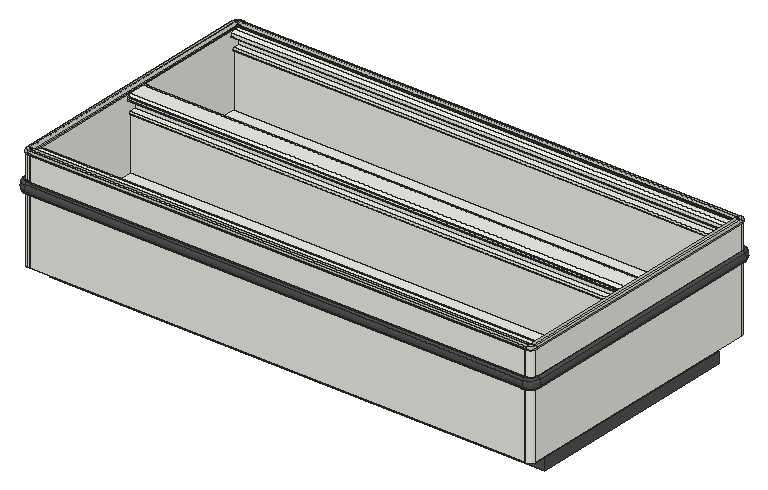
Revit family "FW_2014", category Specialty Equipment, Revit 2014
Parameters (values of type "12'-0" Length")
  Width = 144 1/2"
  Waste Drain = 1 1/4"  # constant formula
  URL = "www.hussmann.com"
  Type Comments = "Excel"  # constant formula
  Trim = Plastic - 144 Mist Gray
  Total Weight = Case Weight + (2 * End Weight)  # 1750.00 lbf
  Splashguard = Textured Sheet Metal (Steel Painted) - 701 Black
  Revit Family Date = "01/26/2016"  # constant formula
  Refrigeration Lines Suction = 5/8"  # constant formula
  Refrigeration Lines Liquid = 3/8"  # constant formula
  Refrig. Suction = ""
  Refrig. Liquid = ""
  Number of Supports = if(Width < 50", 2, if(Width < 100", 3, 4))  # 4
  Note from Manufacturer = "This model only comes in 4'-0\", 6'-0\", 8'-0\" and 12'-0\" lengths."
  Model URL = "http://www.hussmann.com/en/product%20viewer/display-cases/FW,%20FWG"
  Model = "FW"  # constant formula
  Manufacturer Disclaimer = "The information in this file is not intended to be an exact representation of the corresponding Hussmann product.  Further, we reserve the right to change or revise specifications and product design in connection with any feature of our products. Such changes do not entitle the buyer to corresponding changes, improvements, additions, or replacements for equipment previously sold or shipped."  # constant formula
  Manufacturer = "Hussmann Corporation"  # constant formula
  Height = 36 1/4"  # constant formula
  Ends = Textured Sheet Metal (Steel Painted) - 149 White Satin Matte
  End Weight = 75.00 lbf  # constant formula
  Description = "Wide Island for Frozen Food/Ice Cream "  # constant formula
  Depth = 80 5/8"  # constant formula
  Cutsheet URL = "http://www.hussmann.com/en/Technical%20Documents/0465900_K_FW_EN.pdf"
  Case Weight = if(Width = 48 1/4", 1000.00 lbf, if(Width = 73 3/4", 1200.00 lbf, if(Width = 96 3/8", 1400.00 lbf, if(Width = 144 1/2", 1600.00 lbf, 0.00 lbf))))  # 1600.00 lbf
  Case Interior = Sheet Metal (Steel Painted) - 700 Interior White
  Case = Textured Sheet Metal (Steel Painted) - 149 White Satin Matte
  Bumper = Extruded PVC - 701 Black
  Assembly Code = ""
  Accessories/Options = ""
Reference planes (in)
  plane 1 "Back": y = 0
  plane 2 "Bottom": z = 0
  plane 3 "Top": z = 36.25
  plane 4 "Left": x = -77.30699
  plane 5 "Front": y = -80.625
  plane 6 "Center (Left/Right)": x = -5.05699
  plane 7: x = -79.30699
  plane 8 "Right": x = 67.19301
  plane 9: x = 69.19301
  plane 10: y = -8.5
  plane 11: y = -72.125
  plane 12: y = -79.33728
  plane 13: y = -1.2857
Forms (in)
  Extrusion 1, solid, material "Metal - Copper"
    sketch origin (63.0625, 1.04319, 0) x (1, 0, 0) y (0, 1, 0)
      loop
        arc (-7.48249, -10.62909) -> (-7.92443, -10.81215) -> (-8.10749, -11.25409) r 0.625
        arc (-8.10749, -11.25409) -> (-7.92443, -11.69603) -> (-7.48249, -11.87909) r 0.625
        arc (-7.48249, -11.87909) -> (-7.04054, -11.69603) -> (-6.85749, -11.25409) r 0.625
        arc (-6.85749, -11.25409) -> (-7.04054, -10.81215) -> (-7.48249, -10.62909) r 0.625
      loop
        circle (-7.48249, -11.25409) r 0.5852
    from 5.625 to 0
  Extrusion 2, solid, material "Metal - Copper"
    sketch origin (57.40105, 5, -0.375) x (1, 0, 0) y (0, 1, 0)
      loop
        circle (1.47946, -20.75) r 0.28859
      loop
        circle (1.47946, -20.75) r 0.3125
    from 6 to 0.375
  Extrusion 3, solid, material "Metal - Copper"
    sketch origin (59.82608, 5, -0.375) x (1, 0, 0) y (0, 1, 0)
      loop
        circle (-0.44557, -20.75) r 0.17188
      loop
        circle (-0.44557, -20.75) r 0.1875
    from 6 to 0.375
  Extrusion 4, solid, material "Metal - Copper"
    sketch origin (-56.6875, 1.04319, 0) x (1, 0, 0) y (0, 1, 0)
      loop
        arc (-9.00649, -10.62909) -> (-9.44843, -10.81215) -> (-9.63149, -11.25409) r 0.625
        arc (-9.63149, -11.25409) -> (-9.44843, -11.69603) -> (-9.00649, -11.87909) r 0.625
        arc (-9.00649, -11.87909) -> (-8.56454, -11.69603) -> (-8.38149, -11.25409) r 0.625
        arc (-8.38149, -11.25409) -> (-8.56454, -10.81215) -> (-9.00649, -10.62909) r 0.625
      loop
        circle (-9.00649, -11.25409) r 0.5852
    from 5.625 to 0
  Sweep 5, solid, material "Extruded PVC - 701 Black" <- "Bumper"
    path origin (0, 0, 0) x (1, 0, 0) y (0, 1, 0)
      loop
        arc (-77.68199, -1.2857) -> (-78.83103, -1.76165) -> (-79.30699, -2.9107) r 1.625
        line (-79.30699, -2.9107) -> (-79.30699, -77.71228)
        arc (-79.30699, -77.71228) -> (-78.83103, -78.86133) -> (-77.68199, -79.33728) r 1.625
        line (-77.68199, -79.33728) -> (67.56801, -79.33728)
        arc (67.56801, -79.33728) -> (68.71706, -78.86133) -> (69.19301, -77.71228) r 1.625
        line (69.19301, -77.71228) -> (69.19301, -2.9107)
        arc (69.19301, -2.9107) -> (68.71706, -1.76165) -> (67.56801, -1.2857) r 1.625
        line (67.56801, -1.2857) -> (-77.68199, -1.2857)
    profile origin (-5.05699, -1.2857, 0) x (0, 1, 0) y (0, 0, 1)
      loop
        arc (0.99785, 27.38133) -> (0.79737, 27.66244) -> (0.51189, 27.85663) r 0.98054
        arc (0.51189, 27.85663) -> (0.26159, 27.93449) -> (0, 27.95128) r 1.10651
        line (0, 27.95128) -> (0, 24.7987)
        arc (0, 24.7987) -> (0.26159, 24.81549) -> (0.51189, 24.89335) r 1.10651
        arc (0.51189, 24.89335) -> (0.80164, 25.09174) -> (1.00291, 25.37951) r 0.98054
        arc (1.00291, 25.37951) -> (1.22419, 26.38098) -> (0.99785, 27.38133) r 2.35
  Extrusion 6, solid, material "Sheet Metal (Steel Painted) - 700 Interior White" <- "Case Interior"
    sketch origin (-5.05699, 0, 0) x (0, 1, 0) y (0, 0, 1)
      loop
        line (-75.38327, 14.29126) -> (-75.38327, 13.81178) -> (-42.91527, 13.81178) -> (-42.91527, 14.29126) -> (-75.38327, 14.29126)
      loop
        line (-37.70773, 14.29126) -> (-37.70773, 13.81178) -> (-5.23973, 13.81178) -> (-5.23973, 14.29126) -> (-37.70773, 14.29126)
    from 72.25 to -72.25
  Sweep 7, solid, material "Textured Sheet Metal (Steel Painted) - 701 Black" <- "Splashguard"
    path origin (0, 0, 0) x (1, 0, 0) y (0, 1, 0)
      loop
        line (-77.30699, -8.5) -> (-77.30699, -72.125) -> (67.19301, -72.125) -> (67.19301, -8.5) -> (-77.30699, -8.5)
    profile origin (-5.05699, -8.5, 0) x (0, 1, 0) y (0, 0, 1)
      loop
        line (-0.53011, 5.625) -> (-0.53011, 0) -> (0, 0) -> (0, 3.27024) -> (-0.24467, 3.54198) -> (-0.24467, 5.625) -> (-0.53011, 5.625)
  Extrusion 8, solid, material "Textured Sheet Metal (Steel Painted) - 149 White Satin Matte" <- "Ends"
    sketch origin (0, 0, 0) x (1, 0, 0) y (0, 1, 0)
      loop
        line (67.19301, -1.2857) -> (67.19301, -79.33728) -> (67.56801, -79.33728)
        arc (67.56801, -79.33728) -> (68.71706, -78.86133) -> (69.19301, -77.71228) r 1.625
        line (69.19301, -77.71228) -> (69.19301, -2.9107)
        arc (69.19301, -2.9107) -> (68.71706, -1.76165) -> (67.56801, -1.2857) r 1.625
        line (67.56801, -1.2857) -> (67.19301, -1.2857)
      loop
        line (-77.30699, -1.2857) -> (-77.68199, -1.2857)
        arc (-77.68199, -1.2857) -> (-78.83103, -1.76165) -> (-79.30699, -2.9107) r 1.625
        line (-79.30699, -2.9107) -> (-79.30699, -77.71228)
        arc (-79.30699, -77.71228) -> (-78.83103, -78.86133) -> (-77.68199, -79.33728) r 1.625
        line (-77.68199, -79.33728) -> (-77.30699, -79.33728) -> (-77.30699, -1.2857)
    from 35.19531 to 5.5
  Revolve 9, solid, material "Plastic - 144 Mist Gray" <- "Trim"
    sketch origin (67.56801, -79.33728, 0) x (0, 1, 0) y (0, 0, 1)
      loop
        line (1.625, 35.19428) -> (1.625, 35.73892)
        arc (1.625, 35.73892) -> (1.24396, 35.84119) -> (0.85093, 35.87564) r 2.25968
        arc (0.85093, 35.87564) -> (0.49613, 35.84206) -> (0.15394, 35.74252) r 1.89124
        arc (0.15394, 35.74252) -> (-0.0688, 35.56325) -> (-0.15126, 35.28948) r 0.48335
        arc (-0.15126, 35.28948) -> (-0.12743, 35.1287) -> (-0.06024, 34.98069) r 0.58451
        arc (-0.06024, 34.98069) -> (-0.01978, 34.98231) -> (0, 35.01765) r 0.04146
        line (0, 35.01765) -> (0, 35.19428) -> (1.625, 35.19428)
      axis (1.625, 35.87564) -> (1.625, 34.98069)
    angle from 0 to 360
  Revolve 10, solid, material "Plastic - 144 Mist Gray" <- "Trim", not visible
    sketch origin (67.56801, -50.5651, 0) x (0, 1, 0) y (0, 0, 1)
      loop
        line (1.625, 35.19428) -> (1.625, 35.73892)
        arc (1.625, 35.73892) -> (1.24396, 35.84119) -> (0.85093, 35.87564) r 2.25968
        arc (0.85093, 35.87564) -> (0.49613, 35.84206) -> (0.15394, 35.74252) r 1.89124
        arc (0.15394, 35.74252) -> (-0.0688, 35.56325) -> (-0.15126, 35.28948) r 0.48335
        arc (-0.15126, 35.28948) -> (-0.12743, 35.1287) -> (-0.06024, 34.98069) r 0.58451
        arc (-0.06024, 34.98069) -> (-0.01978, 34.98231) -> (0, 35.01765) r 0.04146
        line (0, 35.01765) -> (0, 35.19428) -> (1.625, 35.19428)
      axis (1.625, 35.87564) -> (1.625, 34.98069)
    angle from 0 to 360
  Revolve 11, solid, material "Plastic - 144 Mist Gray" <- "Trim"
    sketch origin (67.56801, -1.2857, 0) x (0, 1, 0) y (0, 0, 1)
      loop
        arc (-0.85093, 35.87564) -> (-1.24396, 35.84119) -> (-1.625, 35.73892) r 2.25968
        line (-1.625, 35.73892) -> (-1.625, 35.19428) -> (0, 35.19428) -> (0, 35.01765)
        arc (0, 35.01765) -> (0.01978, 34.98231) -> (0.06024, 34.98069) r 0.04146
        arc (0.06024, 34.98069) -> (0.12743, 35.1287) -> (0.15126, 35.28948) r 0.58451
        arc (0.15126, 35.28948) -> (0.0688, 35.56325) -> (-0.15394, 35.74252) r 0.48335
        arc (-0.15394, 35.74252) -> (-0.49613, 35.84206) -> (-0.85093, 35.87564) r 1.89124
      axis (-1.625, 34.98069) -> (-1.625, 35.87564)
    angle from 0 to 360
  Revolve 12, solid, material "Plastic - 144 Mist Gray" <- "Trim", not visible
    sketch origin (67.56801, 7.6901, 0) x (0, 1, 0) y (0, 0, 1)
      loop
        arc (-0.85093, 35.87564) -> (-1.24396, 35.84119) -> (-1.625, 35.73892) r 2.25968
        line (-1.625, 35.73892) -> (-1.625, 35.19428) -> (0, 35.19428) -> (0, 35.01765)
        arc (0, 35.01765) -> (0.01978, 34.98231) -> (0.06024, 34.98069) r 0.04146
        arc (0.06024, 34.98069) -> (0.12743, 35.1287) -> (0.15126, 35.28948) r 0.58451
        arc (0.15126, 35.28948) -> (0.0688, 35.56325) -> (-0.15394, 35.74252) r 0.48335
        arc (-0.15394, 35.74252) -> (-0.49613, 35.84206) -> (-0.85093, 35.87564) r 1.89124
      axis (-1.625, 34.98069) -> (-1.625, 35.87564)
    angle from 0 to 360
  Revolve 13, solid, material "Plastic - 144 Mist Gray" <- "Trim"
    sketch origin (-77.68199, -1.2857, 0) x (0, 0, 1) y (0, 1, 0)
      loop
        line (35.01765, 0) -> (35.19428, 0) -> (35.19428, -1.625) -> (35.73892, -1.625)
        arc (35.73892, -1.625) -> (35.84119, -1.24396) -> (35.87564, -0.85093) r 2.25968
        arc (35.87564, -0.85093) -> (35.84206, -0.49613) -> (35.74252, -0.15394) r 1.89124
        arc (35.74252, -0.15394) -> (35.56325, 0.0688) -> (35.28948, 0.15126) r 0.48335
        arc (35.28948, 0.15126) -> (35.1287, 0.12743) -> (34.98069, 0.06024) r 0.58451
        arc (34.98069, 0.06024) -> (34.98231, 0.01978) -> (35.01765, 0) r 0.04146
      axis (34.98069, -1.625) -> (35.87564, -1.625)
    angle from 0 to 360
  Revolve 14, solid, material "Plastic - 144 Mist Gray" <- "Trim"
    sketch origin (-77.68199, -79.33728, 0) x (0, 0, 1) y (0, 1, 0)
      loop
        arc (35.01765, 0) -> (34.98231, -0.01978) -> (34.98069, -0.06024) r 0.04146
        arc (34.98069, -0.06024) -> (35.1287, -0.12743) -> (35.28948, -0.15126) r 0.58451
        arc (35.28948, -0.15126) -> (35.56325, -0.0688) -> (35.74252, 0.15394) r 0.48335
        arc (35.74252, 0.15394) -> (35.84206, 0.49613) -> (35.87564, 0.85093) r 1.89124
        arc (35.87564, 0.85093) -> (35.84119, 1.24396) -> (35.73892, 1.625) r 2.25968
        line (35.73892, 1.625) -> (35.19428, 1.625) -> (35.19428, 0) -> (35.01765, 0)
      axis (34.98069, 1.625) -> (35.87564, 1.625)
    angle from 0 to 360
  Revolve 15, solid, material "Plastic - 144 Mist Gray" <- "Trim", not visible
    sketch origin (-77.68199, 5.9401, 0) x (0, 0, 1) y (0, 1, 0)
      loop
        line (35.01765, 0) -> (35.19428, 0) -> (35.19428, -1.625) -> (35.73892, -1.625)
        arc (35.73892, -1.625) -> (35.84119, -1.24396) -> (35.87564, -0.85093) r 2.25968
        arc (35.87564, -0.85093) -> (35.84206, -0.49613) -> (35.74252, -0.15394) r 1.89124
        arc (35.74252, -0.15394) -> (35.56325, 0.0688) -> (35.28948, 0.15126) r 0.48335
        arc (35.28948, 0.15126) -> (35.1287, 0.12743) -> (34.98069, 0.06024) r 0.58451
        arc (34.98069, 0.06024) -> (34.98231, 0.01978) -> (35.01765, 0) r 0.04146
      axis (34.98069, -1.625) -> (35.87564, -1.625)
    angle from 0 to 360
  Revolve 16, solid, material "Plastic - 144 Mist Gray" <- "Trim", not visible
    sketch origin (-77.68199, -54.0651, 0) x (0, 0, 1) y (0, 1, 0)
      loop
        arc (35.01765, 0) -> (34.98231, -0.01978) -> (34.98069, -0.06024) r 0.04146
        arc (34.98069, -0.06024) -> (35.1287, -0.12743) -> (35.28948, -0.15126) r 0.58451
        arc (35.28948, -0.15126) -> (35.56325, -0.0688) -> (35.74252, 0.15394) r 0.48335
        arc (35.74252, 0.15394) -> (35.84206, 0.49613) -> (35.87564, 0.85093) r 1.89124
        arc (35.87564, 0.85093) -> (35.84119, 1.24396) -> (35.73892, 1.625) r 2.25968
        line (35.73892, 1.625) -> (35.19428, 1.625) -> (35.19428, 0) -> (35.01765, 0)
      axis (34.98069, 1.625) -> (35.87564, 1.625)
    angle from 0 to 360
  Extrusion 17, solid, material "Textured Sheet Metal (Steel Painted) - 149 White Satin Matte" <- "Case"
    sketch origin (-5.05699, 0, 0) x (0, 1, 0) y (0, 0, 1)
      loop
        line (-79.33728, 35.19428) -> (-79.33728, 5.5) -> (-78.6504, 5.5)
        arc (-78.6504, 5.5) -> (-78.60884, 5.524) -> (-78.60884, 5.57199) r 0.04799
        line (-78.60884, 5.57199) -> (-78.76606, 5.8443) -> (-78.73877, 5.89696) -> (-78.78939, 5.92318) -> (-78.95249, 5.60837) -> (-78.95249, 9.07217) -> (-72.33337, 5.5625) -> (-8.28963, 5.5625) -> (-1.6607, 9.07737) -> (-1.6607, 5.58948) -> (-1.8336, 5.92318) -> (-1.88421, 5.89696) -> (-1.85692, 5.8443) -> (-2.01414, 5.57199)
        arc (-2.01414, 5.57199) -> (-2.01414, 5.524) -> (-1.97258, 5.5) r 0.04799
        line (-1.97258, 5.5) -> (-1.2857, 5.5) -> (-1.2857, 35.19428) -> (-5.04004, 35.19428) -> (-6.08353, 34.63945) -> (-6.0989, 33.73891)
        arc (-6.0989, 33.73891) -> (-6.01067, 33.522) -> (-5.793, 33.43563) r 0.29829
        line (-5.793, 33.43563) -> (-5.49346, 33.46463)
        arc (-5.49346, 33.46463) -> (-5.4516, 33.48564) -> (-5.43473, 33.52933) r 0.065
        line (-5.43473, 33.52933) -> (-5.43473, 33.79628) -> (-3.40551, 33.79628) -> (-3.40551, 30.5938) -> (-5.33693, 30.5938) -> (-5.33693, 29.8573) -> (-4.93993, 29.4603) -> (-4.93993, 13.6116) -> (-7.58452, 13.6116) -> (-7.58452, 10.49399) -> (-11.44452, 10.49399) -> (-11.44452, 13.61303) -> (-37.93973, 13.61303) -> (-37.93973, 29.49781) -> (-37.57125, 29.86629) -> (-37.57125, 30.5458) -> (-39.57373, 30.5458) -> (-39.57373, 33.61819) -> (-37.57125, 33.65315) -> (-37.57125, 33.47863) -> (-37.18623, 33.44135)
        arc (-37.18623, 33.44135) -> (-36.96856, 33.52771) -> (-36.88032, 33.74463) r 0.29829
        line (-36.88032, 33.74463) -> (-36.89204, 34.43091)
        arc (-36.89204, 34.43091) -> (-36.90649, 34.48006) -> (-36.94328, 34.51556) r 0.09868
        line (-36.94328, 34.51556) -> (-36.94328, 34.54744)
        arc (-36.94328, 34.54744) -> (-36.89563, 34.58321) -> (-36.91951, 34.63779) r 0.04799
        line (-36.91951, 34.63779) -> (-37.96804, 35.19531) -> (-42.65496, 35.19531) -> (-43.70349, 34.63779)
        arc (-43.70349, 34.63779) -> (-43.72737, 34.58321) -> (-43.67972, 34.54744) r 0.04799
        line (-43.67972, 34.54744) -> (-43.67972, 34.51556)
        arc (-43.67972, 34.51556) -> (-43.71651, 34.48006) -> (-43.7306, 34.43091) r 0.09868
        line (-43.7306, 34.43091) -> (-43.74232, 33.74463)
        arc (-43.74232, 33.74463) -> (-43.65429, 33.52791) -> (-43.43698, 33.44133) r 0.29829
        line (-43.43698, 33.44133) -> (-43.05175, 33.47863) -> (-43.05175, 33.65315) -> (-41.04927, 33.61819) -> (-41.04927, 30.5458) -> (-43.05175, 30.5458) -> (-43.05175, 29.86629) -> (-42.68327, 29.49781) -> (-42.68327, 13.61303) -> (-69.17848, 13.61303) -> (-69.17848, 10.49399) -> (-73.03848, 10.49399) -> (-73.03848, 13.6116) -> (-75.68305, 13.6116) -> (-75.68305, 29.4603) -> (-75.28605, 29.8573) -> (-75.28605, 30.5938) -> (-77.21747, 30.5938) -> (-77.21747, 33.79628) -> (-75.18825, 33.79628) -> (-75.18825, 33.52933)
        arc (-75.18825, 33.52933) -> (-75.17138, 33.48564) -> (-75.12952, 33.46463) r 0.065
        line (-75.12952, 33.46463) -> (-74.82998, 33.43563)
        arc (-74.82998, 33.43563) -> (-74.61231, 33.522) -> (-74.52408, 33.73891) r 0.29829
        line (-74.52408, 33.73891) -> (-74.53945, 34.63945) -> (-75.58294, 35.19428) -> (-79.33728, 35.19428)
    from -72.25 to 72.25
  Extrusion 18, void
    sketch origin (0, -7.25, 0) x (1, 0, 0) y (0, 1, 0)
      loop
        line (67.56801, 4.3393) -> (67.56801, 6.3393) -> (65.56801, 6.3393) -> (65.56801, 2.3393) -> (69.56801, 2.3393) -> (69.56801, 4.3393) -> (67.56801, 4.3393)
    from 0 to 72
  Extrusion 19, void, not visible
    sketch origin (0, 1.7258, 0) x (1, 0, 0) y (0, 1, 0)
      loop
        line (67.56801, 4.3393) -> (67.56801, 6.3393) -> (65.56801, 6.3393) -> (65.56801, 2.3393) -> (69.56801, 2.3393) -> (69.56801, 4.3393) -> (67.56801, 4.3393)
    from 0 to 72
  Sweep 20, solid, material "Plastic - 144 Mist Gray" <- "Trim"
    path origin (0, -37.24798, 0) x (1, 0, 0) y (0, 1, 0)
      loop
        line (67.56801, 35.96228) -> (-77.68199, 35.96228)
    profile origin (-5.05699, -1.2857, 0) x (0, -1, 0) y (0, 0, 1)
      loop
        line (2.17508, 35.19531) -> (2.17508, 35.28259)
        arc (2.17508, 35.28259) -> (2.17081, 35.32216) -> (2.15822, 35.35991) r 0.18582
        arc (2.15822, 35.35991) -> (2.067, 35.4964) -> (1.93748, 35.59726) r 0.5152
        arc (1.93748, 35.59726) -> (1.41175, 35.80493) -> (0.85093, 35.87564) r 2.25968
        arc (0.85093, 35.87564) -> (0.49613, 35.84206) -> (0.15394, 35.74252) r 1.89124
        arc (0.15394, 35.74252) -> (-0.0688, 35.56325) -> (-0.15126, 35.28948) r 0.48335
        arc (-0.15126, 35.28948) -> (-0.12743, 35.1287) -> (-0.06024, 34.98069) r 0.58451
        arc (-0.06024, 34.98069) -> (-0.01978, 34.98231) -> (0, 35.01765) r 0.04146
        line (0, 35.01765) -> (0, 35.19531) -> (2.17508, 35.19531)
  Sweep 21, solid, material "Plastic - 144 Mist Gray" <- "Trim"
    path origin (0, -43.375, 0) x (1, 0, 0) y (0, -1, 0)
      loop
        line (67.56801, 35.96228) -> (-77.68199, 35.96228)
    profile origin (-5.05699, -79.33728, 0) x (0, -1, 0) y (0, 0, 1)
      loop
        line (-2.17508, 35.19531) -> (0, 35.19531) -> (0, 35.01765)
        arc (0, 35.01765) -> (0.01978, 34.98231) -> (0.06024, 34.98069) r 0.04146
        arc (0.06024, 34.98069) -> (0.12743, 35.1287) -> (0.15126, 35.28948) r 0.58451
        arc (0.15126, 35.28948) -> (0.0688, 35.56325) -> (-0.15394, 35.74252) r 0.48335
        arc (-0.15394, 35.74252) -> (-0.49613, 35.84206) -> (-0.85093, 35.87564) r 1.89124
        arc (-0.85093, 35.87564) -> (-1.41175, 35.80493) -> (-1.93748, 35.59726) r 2.25968
        arc (-1.93748, 35.59726) -> (-2.067, 35.4964) -> (-2.15822, 35.35991) r 0.5152
        arc (-2.15822, 35.35991) -> (-2.17081, 35.32216) -> (-2.17508, 35.28259) r 0.18582
        line (-2.17508, 35.28259) -> (-2.17508, 35.19531)
  Sweep 22, solid, material "Plastic - 144 Mist Gray" <- "Trim"
    path origin (-131.99958, -65.96011, 0) x (0, 1, 0) y (-1, 0, 0)
      loop
        line (63.04941, -52.69259) -> (-11.75217, -52.69259)
    profile origin (-79.30699, -40.31149, 0) x (1, 0, 0) y (0, 0, 1)
      loop
        line (2.17508, 35.19531) -> (2.17508, 35.28259)
        arc (2.17508, 35.28259) -> (2.17081, 35.32216) -> (2.15822, 35.35991) r 0.18582
        arc (2.15822, 35.35991) -> (2.067, 35.4964) -> (1.93748, 35.59726) r 0.5152
        arc (1.93748, 35.59726) -> (1.41175, 35.80493) -> (0.85093, 35.87564) r 2.25968
        arc (0.85093, 35.87564) -> (0.49613, 35.84206) -> (0.15394, 35.74252) r 1.89124
        arc (0.15394, 35.74252) -> (-0.0688, 35.56325) -> (-0.15126, 35.28948) r 0.48335
        arc (-0.15126, 35.28948) -> (-0.12743, 35.1287) -> (-0.06024, 34.98069) r 0.58451
        arc (-0.06024, 34.98069) -> (-0.01978, 34.98231) -> (0, 35.01765) r 0.04146
        line (0, 35.01765) -> (0, 35.19531) -> (2.17508, 35.19531)
  Sweep 23, solid, material "Plastic - 144 Mist Gray" <- "Trim"
    path origin (121.88561, -65.96011, 0) x (0, 1, 0) y (1, 0, 0)
      loop
        line (63.04941, -52.69259) -> (-11.75217, -52.69259)
    profile origin (69.19301, -40.31149, 0) x (1, 0, 0) y (0, 0, 1)
      loop
        line (-2.17508, 35.19531) -> (0, 35.19531) -> (0, 35.01765)
        arc (0, 35.01765) -> (0.01978, 34.98231) -> (0.06024, 34.98069) r 0.04146
        arc (0.06024, 34.98069) -> (0.12743, 35.1287) -> (0.15126, 35.28948) r 0.58451
        arc (0.15126, 35.28948) -> (0.0688, 35.56325) -> (-0.15394, 35.74252) r 0.48335
        arc (-0.15394, 35.74252) -> (-0.49613, 35.84206) -> (-0.85093, 35.87564) r 1.89124
        arc (-0.85093, 35.87564) -> (-1.41175, 35.80493) -> (-1.93748, 35.59726) r 2.25968
        arc (-1.93748, 35.59726) -> (-2.067, 35.4964) -> (-2.15822, 35.35991) r 0.5152
        arc (-2.15822, 35.35991) -> (-2.17081, 35.32216) -> (-2.17508, 35.28259) r 0.18582
        line (-2.17508, 35.28259) -> (-2.17508, 35.19531)
  Extrusion 24, solid, material "Textured Sheet Metal (Steel Painted) - 701 Black" <- "Splashguard"
    sketch origin (-5.05699, 0, 0) x (0, 1, 0) y (0, 0, 1)
      loop
        line (-77.76577, 8.44293) -> (-78.78891, 6.13776) -> (-78.27057, 5.86292) -> (-78.27057, 5.50693) -> (-78.34237, 5.37151) -> (-74.61406, 3.39463) -> (-74.37233, 3.85051) -> (-73.62701, 3.45532) -> (-73.62701, 3.40532) -> (-72.33507, 3.40532) -> (-72.33507, 5.5634) -> (-77.76577, 8.44293)
    from -72.25 to 72.25
  Extrusion 25, void
    sketch origin (0, 21, 0) x (1, 0, 0) y (0, 1, 0)
      loop
        line (67.56801, -100.71228) -> (67.56801, -98.71228) -> (69.56801, -98.71228) -> (69.56801, -96.71228) -> (65.56801, -96.71228) -> (65.56801, -100.71228) -> (67.56801, -100.71228)
    from 34.92825 to 36.25
  Extrusion 26, void, not visible
    sketch origin (0, 49.77218, 0) x (1, 0, 0) y (0, 1, 0)
      loop
        line (67.56801, -100.71228) -> (67.56801, -98.71228) -> (69.56801, -98.71228) -> (69.56801, -96.71228) -> (65.56801, -96.71228) -> (65.56801, -100.71228) -> (67.56801, -100.71228)
    from 34.92825 to 36.25
  Extrusion 27, void
    sketch origin (0, 12, 0) x (1, 0, 0) y (0, 1, 0)
      loop
        line (-77.68199, -91.71228) -> (-75.68199, -91.71228) -> (-75.68199, -87.71228) -> (-79.68199, -87.71228) -> (-79.68199, -89.71228) -> (-77.68199, -89.71228) -> (-77.68199, -91.71228)
    from 34.93665 to 36.25
  Extrusion 28, void, not visible
    sketch origin (0, 37.27218, 0) x (1, 0, 0) y (0, 1, 0)
      loop
        line (-77.68199, -91.71228) -> (-75.68199, -91.71228) -> (-75.68199, -87.71228) -> (-79.68199, -87.71228) -> (-79.68199, -89.71228) -> (-77.68199, -89.71228) -> (-77.68199, -91.71228)
    from 34.93665 to 36.25
  Extrusion 29, void
    sketch origin (0, -12, 0) x (1, 0, 0) y (0, 1, 0)
      loop
        line (-77.68199, 9.0893) -> (-79.68199, 9.0893) -> (-79.68199, 7.0893) -> (-75.68199, 7.0893) -> (-75.68199, 11.0893) -> (-77.68199, 11.0893) -> (-77.68199, 9.0893)
    from 34.84346 to 36.25
  Extrusion 30, void, not visible
    sketch origin (0, -4.7742, 0) x (1, 0, 0) y (0, 1, 0)
      loop
        line (-77.68199, 9.0893) -> (-79.68199, 9.0893) -> (-79.68199, 7.0893) -> (-75.68199, 7.0893) -> (-75.68199, 11.0893) -> (-77.68199, 11.0893) -> (-77.68199, 9.0893)
    from 34.84346 to 36.25
  Extrusion 31, solid, material "Metal - Copper"
    sketch origin (63.0625, -49.95681, 0) x (1, 0, 0) y (0, 1, 0)
      loop
        arc (-7.48249, -19.83225) -> (-7.92443, -20.01531) -> (-8.10749, -20.45725) r 0.625
        arc (-8.10749, -20.45725) -> (-7.92443, -20.89919) -> (-7.48249, -21.08225) r 0.625
        arc (-7.48249, -21.08225) -> (-7.04054, -20.89919) -> (-6.85749, -20.45725) r 0.625
        arc (-6.85749, -20.45725) -> (-7.04054, -20.01531) -> (-7.48249, -19.83225) r 0.625
      loop
        circle (-7.48249, -20.45725) r 0.5852
    from 5.625 to 0
  Extrusion 32, solid, material "Metal - Copper"
    sketch origin (57.40105, -46, -0.375) x (1, 0, 0) y (0, 1, 0)
      loop
        circle (1.47946, -18.875) r 0.28859
      loop
        circle (1.47946, -18.875) r 0.3125
    from 6 to 0.375
  Extrusion 33, solid, material "Metal - Copper"
    sketch origin (59.82608, -46, -0.375) x (1, 0, 0) y (0, 1, 0)
      loop
        circle (-0.44557, -18.875) r 0.17188
      loop
        circle (-0.44557, -18.875) r 0.1875
    from 6 to 0.375
  Extrusion 34, solid, material "Metal - Copper"
    sketch origin (-56.6875, -49.95681, 0) x (1, 0, 0) y (0, 1, 0)
      loop
        arc (-9.00649, -19.83225) -> (-9.44843, -20.01531) -> (-9.63149, -20.45725) r 0.625
        arc (-9.63149, -20.45725) -> (-9.44843, -20.89919) -> (-9.00649, -21.08225) r 0.625
        arc (-9.00649, -21.08225) -> (-8.56454, -20.89919) -> (-8.38149, -20.45725) r 0.625
        arc (-8.38149, -20.45725) -> (-8.56454, -20.01531) -> (-9.00649, -19.83225) r 0.625
      loop
        circle (-9.00649, -20.45725) r 0.5852
    from 5.625 to 0
Cuts and joins
  Extrusion 18 cuts Revolve 11
  joined: Sweep 20, Sweep 21, Sweep 22, Sweep 23
  Extrusion 25 cuts Revolve 9
  Extrusion 27 cuts Revolve 14
  Extrusion 29 cuts Revolve 13
Lines and regions (in)
  reference lines
    curve 1: line (-74.55699, -80.625, 0) -> (-74.55699, 0, 0)
    curve 2: line (-65.69399, -80.625, 0) -> (-65.69399, 0, 0)
    curve 3: line (55.58001, -80.625, 0) -> (55.58001, 0, 0)
    curve 4: line (64.44301, -80.625, 0) -> (64.44301, 0, 0)
    curve 5: line (59.19301, -80.625, 0) -> (59.19301, 0, 0)
    curve 6: line (-77.30699, -10.2109, 0) -> (67.19301, -10.2109, 0)
    curve 7: line (67.19301, -15.75, 0) -> (-77.30699, -15.75, 0)
    curve 8: line (-77.30699, -70.41406, 0) -> (67.19301, -70.41406, 0)
    curve 9: line (67.19301, -64.875, 0) -> (-77.30699, -64.875, 0)
Dimensions and locks (in)
  equal spacing: plane 4 "Left", plane 6 "Center (Left/Right)", plane 8 "Right"
  locked: plane 7 to plane 4 "Left" at 2
  "Width": plane 4 "Left" to plane 8 "Right"
  locked: plane 4 "Left" to curve 1 at 2.75
  locked: plane 4 "Left" to curve 2 at 11.613
  locked: curve 4 to plane 8 "Right" at 2.75
  locked: curve 3 to plane 8 "Right" at 11.613
  "Depth": plane 5 "Front" to plane 1 "Back"
  locked: curve 5 to plane 8 "Right" at 8
  "Height": plane 3 "Top" to level
  locked: plane 1 "Back" to curve 6 at 10.2109
  locked: plane 1 "Back" to curve 7 at 15.75
  locked: plane 8 "Right" to plane 9 at 2
  locked: Extrusion 4 sketch curve to Extrusion 4 sketch curve at 0.0398
  locked: Extrusion 1 sketch curve to Extrusion 1 sketch curve at 0.0398
  locked: Extrusion 3 sketch curve to Extrusion 3 sketch curve at 0.01562
  locked: Extrusion 2 sketch curve to Extrusion 2 sketch curve at 0.02391
  locked: plane 11 to plane 5 "Front" at 8.5
  locked: plane 10 to plane 1 "Back" at 8.5
  equal spacing: plane 5 "Front", nested 1, plane 1 "Back"
  equal spacing: group 9, group 11, group 12, group 10  (x3)
  plane 13 to plane 1 "Back" = 1.2857"
  plane 12 to plane 5 "Front" = 1.28772"
  locked: Sweep 21 sketch curve to plane 4 "Left" at 0.375
  locked: plane 8 "Right" to Sweep 21 sketch curve at 0.375
  locked: Sweep 20 sketch curve to plane 4 "Left" at 0.375
  locked: plane 8 "Right" to Sweep 20 sketch curve at 0.375
  locked: Sweep 22 sketch curve to plane 13 at 1.625
  locked: Sweep 22 sketch curve to plane 12 at 1.625
  locked: Sweep 23 sketch curve to plane 13 at 1.625
  locked: Sweep 23 sketch curve to plane 12 at 1.625
  locked: Extrusion 18 sketch curve to Extrusion 18 sketch curve at 2  (x2)
  locked: Extrusion 19 sketch curve to Extrusion 19 sketch curve at 2  (x2)
  locked: Extrusion 25 sketch curve to Extrusion 25 sketch curve at 2  (x2)
  locked: Extrusion 26 sketch curve to Extrusion 26 sketch curve at 2  (x2)
  locked: Extrusion 27 sketch curve to Extrusion 27 sketch curve at 2  (x2)
  locked: Extrusion 28 sketch curve to Extrusion 28 sketch curve at 2  (x2)
  locked: Extrusion 29 sketch curve to Extrusion 29 sketch curve at 2  (x2)
  locked: Extrusion 30 sketch curve to Extrusion 30 sketch curve at 2  (x2)
  locked: Extrusion 34 sketch curve to Extrusion 34 sketch curve at 0.0398
  locked: Extrusion 31 sketch curve to Extrusion 31 sketch curve at 0.0398
  locked: Extrusion 33 sketch curve to Extrusion 33 sketch curve at 0.01562
  locked: Extrusion 32 sketch curve to Extrusion 32 sketch curve at 0.02391
  locked: curve 9 to plane 5 "Front" at 15.75
  locked: plane 5 "Front" to curve 8 at 10.21094
  "Waste Drain": diameter of Extrusion 4 sketch curve
  "Waste Drain": diameter of Extrusion 1 sketch curve
  "Refrigeration Lines Liquid": diameter of Extrusion 3 sketch curve
  "Refrigeration Lines Suction": diameter of Extrusion 2 sketch curve
  "Waste Drain": diameter of Extrusion 34 sketch curve
  "Waste Drain": diameter of Extrusion 31 sketch curve
  "Refrigeration Lines Liquid": diameter of Extrusion 33 sketch curve
  "Refrigeration Lines Suction": diameter of Extrusion 32 sketch curve
  aligned and locked: plane 5 "Front" to curve 3
  aligned and locked: plane 5 "Front" to curve 4
  aligned and locked: plane 5 "Front" to curve 2
  aligned and locked: plane 5 "Front" to curve 1
  aligned and locked: plane 4 "Left" to curve 6
  aligned and locked: plane 4 "Left" to curve 7
  aligned and locked: plane 8 "Right" to curve 7
  aligned and locked: plane 8 "Right" to curve 6
  aligned and locked: Extrusion 2 to level
  aligned and locked: Extrusion 3 to level
  aligned and locked: curve 7 to Extrusion 3 sketch curve  (x4)
  aligned and locked: curve 7 to Extrusion 2 sketch curve  (x4)
  aligned and locked: curve 6 to Extrusion 1 sketch curve  (x3)
  aligned and locked: curve 6 to Extrusion 4 sketch curve
  aligned and locked: curve 2 to Extrusion 4 sketch curve
  aligned and locked: curve 3 to Extrusion 1 sketch curve
  aligned and locked: curve 5 to Extrusion 3 sketch curve
  aligned and locked: curve 5 to Extrusion 2 sketch curve
  aligned and locked: Extrusion 4 to level
  aligned and locked: Extrusion 1 to Extrusion 2
  aligned and locked: Extrusion 4 to Extrusion 1
  aligned and locked: plane 13 to Sweep 5 sketch curve
  aligned and locked: Sweep 5 sketch curve to plane 7
  aligned and locked: plane 12 to Sweep 5 sketch curve
  aligned and locked: Sweep 5 sketch curve to plane 9
  aligned and locked: Extrusion 6 to plane 4 "Left"
  aligned and locked: plane 8 "Right" to Extrusion 6
  aligned and locked: Extrusion 1 to Extrusion 3
  aligned and locked: plane 10 to Sweep 7 sketch curve
  aligned and locked: Sweep 7 sketch curve to plane 4 "Left"
  aligned and locked: plane 11 to Sweep 7 sketch curve
  aligned and locked: Sweep 7 sketch curve to plane 8 "Right"
  aligned and locked: Extrusion 8 sketch curve to plane 4 "Left"
  aligned and locked: Extrusion 8 sketch curve to plane 8 "Right"
  aligned and locked: plane 12 to Extrusion 8 sketch curve
  aligned and locked: curve 1 to nested 1
  aligned and locked: curve 4 to nested 2
  aligned and locked: nested 1 to nested 2
  aligned and locked: Extrusion 17 to plane 4 "Left"
  aligned and locked: plane 8 "Right" to Extrusion 17
  aligned and locked: Extrusion 8 to Extrusion 17
  aligned and locked: plane 12 to Sweep 21 sketch curve
  aligned and locked: Sweep 20 sketch curve to plane 13
  aligned and locked: plane 7 to Sweep 22 sketch curve
  aligned and locked: Sweep 23 sketch curve to plane 9
  aligned and locked: cut or joined group of Revolve 11, Extrusion 18 to cut or joined group of Sweep 20, Sweep 21, Sweep 22, Sweep 23
  aligned and locked: Extrusion 18 to cut or joined group of Sweep 20, Sweep 21, Sweep 22, Sweep 23  (x2)
  aligned and locked: Extrusion 24 to plane 4 "Left"
  aligned and locked: plane 8 "Right" to Extrusion 24
  aligned and locked: cut or joined group of Revolve 9, Extrusion 25 to cut or joined group of Sweep 20, Sweep 21, Sweep 22, Sweep 23
  aligned and locked: Extrusion 25 to cut or joined group of Sweep 20, Sweep 21, Sweep 22, Sweep 23  (x2)
  aligned and locked: cut or joined group of Revolve 14, Extrusion 27 to cut or joined group of Sweep 20, Sweep 21, Sweep 22, Sweep 23
  aligned and locked: Extrusion 27 to cut or joined group of Sweep 20, Sweep 21, Sweep 22, Sweep 23  (x2)
  aligned and locked: Extrusion 29 to plane 3 "Top"
  aligned and locked: cut or joined group of Revolve 13, Extrusion 29 to cut or joined group of Sweep 20, Sweep 21, Sweep 22, Sweep 23
  aligned and locked: Extrusion 29 to cut or joined group of Sweep 20, Sweep 21, Sweep 22, Sweep 23  (x2)
  aligned and locked: curve 9 to Extrusion 33 sketch curve  (x4)
  aligned and locked: curve 9 to Extrusion 32 sketch curve  (x4)
  aligned and locked: curve 8 to Extrusion 31 sketch curve  (x3)
  aligned and locked: curve 8 to Extrusion 34 sketch curve
  aligned and locked: Extrusion 32 to Extrusion 31
  aligned and locked: Extrusion 34 to Extrusion 31
  aligned and locked: Extrusion 33 to Extrusion 31
Automatic sketch dimensions
  Revolve 9 sketch curve to Revolve 9 sketch curve = 0"  (x3)
  Revolve 9 sketch curve to Revolve 9 sketch curve = 0.46011"
  Revolve 9 sketch curve to Revolve 9 sketch curve = 0.13608"
  Revolve 9 sketch curve to Revolve 9 sketch curve = 0.54464"
  Revolve 10 sketch curve to Revolve 10 sketch curve = 0"  (x3)
  Revolve 10 sketch curve to Revolve 10 sketch curve = 0.46011"
  Revolve 10 sketch curve to Revolve 10 sketch curve = 0.13608"
  Revolve 10 sketch curve to Revolve 10 sketch curve = 0.54464"
  Revolve 13 sketch curve to Revolve 13 sketch curve = 0.46011"
  Revolve 14 sketch curve to Revolve 14 sketch curve = 0.17663"
  Revolve 14 sketch curve to Revolve 14 sketch curve = 0.46011"
  Revolve 13 sketch curve to Revolve 13 sketch curve = 0.54464"
  Revolve 15 sketch curve to Revolve 15 sketch curve = 0.46011"
  Revolve 15 sketch curve to Revolve 15 sketch curve = 0.54464"
  Revolve 14 sketch curve to Revolve 14 sketch curve = 0.54464"
  Revolve 16 sketch curve to Revolve 16 sketch curve = 0.17663"
  Revolve 16 sketch curve to Revolve 16 sketch curve = 0.46011"
  Revolve 16 sketch curve to Revolve 16 sketch curve = 0.54464"
  Revolve 11 sketch curve to Revolve 11 sketch curve = 0.4177"
  Revolve 11 sketch curve to Revolve 11 sketch curve = 0.10116"
  Revolve 11 sketch curve to Revolve 11 sketch curve = 0.33207"
  Revolve 11 sketch curve to Revolve 11 sketch curve = 0.04146"
  Revolve 11 sketch curve to Revolve 11 sketch curve = 0.36844"
  Revolve 11 sketch curve to Revolve 11 sketch curve = 0.17663"
  Revolve 11 sketch curve to Revolve 11 sketch curve = 0.09891"
  Revolve 11 sketch curve to Revolve 11 sketch curve = 0.00078"
  Revolve 11 sketch curve to Revolve 11 sketch curve = 0"  (x4)
  Revolve 11 sketch curve to Revolve 11 sketch curve = 0.17813"
  Revolve 11 sketch curve to Revolve 11 sketch curve = 0.01878"
  Revolve 11 sketch curve to Revolve 11 sketch curve = 0.54464"
  Revolve 11 sketch curve to Revolve 11 sketch curve = 0.13608"
  Revolve 11 sketch curve to Revolve 11 sketch curve = 0.77407"
  Revolve 12 sketch curve to Revolve 12 sketch curve = 0.4177"
  Revolve 12 sketch curve to Revolve 12 sketch curve = 0.10116"
  Revolve 12 sketch curve to Revolve 12 sketch curve = 0.33207"
  Revolve 12 sketch curve to Revolve 12 sketch curve = 0.04146"
  Revolve 12 sketch curve to Revolve 12 sketch curve = 0.36844"
  Revolve 12 sketch curve to Revolve 12 sketch curve = 0.17663"
  Revolve 12 sketch curve to Revolve 12 sketch curve = 0.09891"
  Revolve 12 sketch curve to Revolve 12 sketch curve = 0.00078"
  Revolve 12 sketch curve to Revolve 12 sketch curve = 0"  (x4)
  Revolve 12 sketch curve to Revolve 12 sketch curve = 0.17813"
  Revolve 12 sketch curve to Revolve 12 sketch curve = 0.01878"
  Revolve 12 sketch curve to Revolve 12 sketch curve = 0.54464"
  Revolve 12 sketch curve to Revolve 12 sketch curve = 0.13608"
  Revolve 12 sketch curve to Revolve 12 sketch curve = 0.77407"
  Extrusion 18 sketch curve to Extrusion 18 sketch curve = 2"  (x2)
  Extrusion 19 sketch curve to Extrusion 19 sketch curve = 2"
  Revolve 9 sketch curve to Revolve 9 sketch curve = 0.04146"
  Revolve 9 sketch curve to Revolve 9 sketch curve = 0.17663"
  Revolve 9 sketch curve to Revolve 9 sketch curve = 0.01878"
  Revolve 9 sketch curve to Revolve 9 sketch curve = 0.43323"
  Revolve 9 sketch curve to Revolve 9 sketch curve = 0.09969"
  Revolve 9 sketch curve to Revolve 9 sketch curve = 0.15126"
  Revolve 9 sketch curve to Revolve 9 sketch curve = 0.10116"
  Revolve 9 sketch curve to Revolve 9 sketch curve = 0.17813"
  Revolve 9 sketch curve to Revolve 9 sketch curve = 0.77407"
  Revolve 9 sketch curve to Revolve 9 sketch curve = 0.36844"
  Revolve 9 sketch curve to Revolve 9 sketch curve = 0.85093"
  Revolve 9 sketch curve to Revolve 9 sketch curve = 1.03325"
  Revolve 10 sketch curve to Revolve 10 sketch curve = 0.04146"
  Revolve 10 sketch curve to Revolve 10 sketch curve = 0.17663"
  Revolve 10 sketch curve to Revolve 10 sketch curve = 0.01878"
  Revolve 10 sketch curve to Revolve 10 sketch curve = 0.43323"
  Revolve 10 sketch curve to Revolve 10 sketch curve = 0.09969"
  Revolve 10 sketch curve to Revolve 10 sketch curve = 0.15126"
  Revolve 10 sketch curve to Revolve 10 sketch curve = 0.10116"
  Revolve 10 sketch curve to Revolve 10 sketch curve = 0.17813"
  Revolve 10 sketch curve to Revolve 10 sketch curve = 0.77407"
  Revolve 10 sketch curve to Revolve 10 sketch curve = 0.36844"
  Revolve 10 sketch curve to Revolve 10 sketch curve = 0.85093"
  Revolve 10 sketch curve to Revolve 10 sketch curve = 1.03325"
  Extrusion 25 sketch curve to Extrusion 25 sketch curve = 2"  (x2)
  Extrusion 26 sketch curve to Extrusion 26 sketch curve = 2"
  Revolve 14 sketch curve to Revolve 14 sketch curve = 0.13608"
  Revolve 14 sketch curve to Revolve 14 sketch curve = 0"  (x4)
  Revolve 14 sketch curve to Revolve 14 sketch curve = 0.04146"
  Revolve 14 sketch curve to Revolve 14 sketch curve = 0.03696"
  Revolve 14 sketch curve to Revolve 14 sketch curve = 0.09969"
  Revolve 14 sketch curve to Revolve 14 sketch curve = 0.0952"
  Revolve 14 sketch curve to Revolve 14 sketch curve = 0.00078"
  Revolve 14 sketch curve to Revolve 14 sketch curve = 0.44932"
  Revolve 14 sketch curve to Revolve 14 sketch curve = 1.03325"
  Revolve 14 sketch curve to Revolve 14 sketch curve = 0.36844"
  Revolve 14 sketch curve to Revolve 14 sketch curve = 0.10116"
  Revolve 16 sketch curve to Revolve 16 sketch curve = 0.13608"
  Revolve 16 sketch curve to Revolve 16 sketch curve = 0"  (x4)
  Revolve 16 sketch curve to Revolve 16 sketch curve = 0.04146"
  Revolve 16 sketch curve to Revolve 16 sketch curve = 0.03696"
  Revolve 16 sketch curve to Revolve 16 sketch curve = 0.09969"
  Revolve 16 sketch curve to Revolve 16 sketch curve = 0.0952"
  Revolve 16 sketch curve to Revolve 16 sketch curve = 0.00078"
  Revolve 16 sketch curve to Revolve 16 sketch curve = 0.44932"
  Revolve 16 sketch curve to Revolve 16 sketch curve = 1.03325"
  Revolve 16 sketch curve to Revolve 16 sketch curve = 0.36844"
  Revolve 16 sketch curve to Revolve 16 sketch curve = 0.10116"
  Extrusion 27 sketch curve to Extrusion 27 sketch curve = 2"  (x2)
  Extrusion 28 sketch curve to Extrusion 28 sketch curve = 2"
  Revolve 13 sketch curve to Revolve 13 sketch curve = 0.13608"
  Revolve 13 sketch curve to Revolve 13 sketch curve = 0"  (x4)
  Revolve 13 sketch curve to Revolve 13 sketch curve = 0.17663"
  Revolve 13 sketch curve to Revolve 13 sketch curve = 0.04146"
  Revolve 13 sketch curve to Revolve 13 sketch curve = 0.03696"
  Revolve 13 sketch curve to Revolve 13 sketch curve = 0.09969"
  Revolve 13 sketch curve to Revolve 13 sketch curve = 0.43323"
  Revolve 13 sketch curve to Revolve 13 sketch curve = 0.0952"
  Revolve 13 sketch curve to Revolve 13 sketch curve = 0.00078"
  Revolve 13 sketch curve to Revolve 13 sketch curve = 0.44932"
  Revolve 13 sketch curve to Revolve 13 sketch curve = 0.36844"
  Revolve 13 sketch curve to Revolve 13 sketch curve = 0.77407"
  Revolve 15 sketch curve to Revolve 15 sketch curve = 0.13608"
  Revolve 15 sketch curve to Revolve 15 sketch curve = 0"  (x4)
  Revolve 15 sketch curve to Revolve 15 sketch curve = 0.17663"
  Revolve 15 sketch curve to Revolve 15 sketch curve = 0.04146"
  Revolve 15 sketch curve to Revolve 15 sketch curve = 0.03696"
  Revolve 15 sketch curve to Revolve 15 sketch curve = 0.09969"
  Revolve 15 sketch curve to Revolve 15 sketch curve = 0.43323"
  Revolve 15 sketch curve to Revolve 15 sketch curve = 0.0952"
  Revolve 15 sketch curve to Revolve 15 sketch curve = 0.00078"
  Revolve 15 sketch curve to Revolve 15 sketch curve = 0.44932"
  Revolve 15 sketch curve to Revolve 15 sketch curve = 0.36844"
  Revolve 15 sketch curve to Revolve 15 sketch curve = 0.77407"
  Extrusion 29 sketch curve to Extrusion 29 sketch curve = 2"  (x2)
  Extrusion 30 sketch curve to Extrusion 30 sketch curve = 2"
  curve 8 to plane 4 "Left" = 0"
  curve 9 to plane 4 "Left" = 0"
  curve 8 to plane 8 "Right" = 0"
  curve 9 to plane 8 "Right" = 0"
  curve 5 to plane 5 "Front" = 0"
  plane 1 "Back" to curve 3 = 0"
  plane 1 "Back" to curve 2 = 0"
  plane 1 "Back" to curve 4 = 0"
  plane 1 "Back" to curve 1 = 0"
  plane 1 "Back" to curve 5 = 0"
  Sweep 5 sketch curve to plane 4 "Left" = 3/8"  (x2)
  plane 8 "Right" to Sweep 5 sketch curve = 3/8"  (x2)
  Sweep 5 sketch curve to profile plane = 0"
  profile plane to Sweep 5 sketch curve = 1.1258"
  Sweep 5 sketch curve to profile plane = 0.0604"  (x2)
  Sweep 5 sketch curve to profile plane = 0.11176"  (x2)
  level to Sweep 5 sketch curve = 24.7987"
  Sweep 5 sketch curve to Sweep 5 sketch curve = 0.98983"  (x2)
  Sweep 5 sketch curve to Sweep 5 sketch curve = 0.11503"  (x2)
  Sweep 5 sketch curve to Sweep 5 sketch curve = 0.47148"
  Sweep 5 sketch curve to Sweep 5 sketch curve = 0.94286"
  Sweep 5 sketch curve to profile plane = 0.51189"  (x2)
  Sweep 5 sketch curve to Sweep 5 sketch curve = 0"
  Extrusion 6 sketch curve to plane 11 = 3.25827"
  level to Extrusion 6 sketch curve = 13.81178"  (x2)
  plane 11 to Extrusion 6 sketch curve = 29.20973"
  Extrusion 6 sketch curve to Extrusion 6 sketch curve = 5.20753"
  Extrusion 6 sketch curve to plane 10 = 3.26027"
  Extrusion 6 sketch curve to Extrusion 6 sketch curve = 0.47947"  (x2)
  Sweep 7 sketch curve to level = 0"
  Sweep 7 sketch curve to profile plane = 0"
  profile plane to Sweep 7 sketch curve = 0.24467"
  Sweep 7 sketch curve to Sweep 7 sketch curve = 0.28545"
  Sweep 7 sketch curve to Sweep 7 sketch curve = 3.27024"
  Sweep 7 sketch curve to Sweep 7 sketch curve = 0.27175"
  Sweep 7 sketch curve to Sweep 7 sketch curve = 2.08302"
  Extrusion 8 sketch curve to plane 7 = 0"
  plane 13 to Extrusion 8 sketch curve = 0"  (x2)
  Extrusion 8 sketch curve to plane 12 = 0"
  Extrusion 8 sketch curve to plane 9 = 0"
  Extrusion 8 sketch curve to plane 4 "Left" = 3/8"  (x2)
  plane 8 "Right" to Extrusion 8 sketch curve = 3/8"
  Extrusion 8 sketch curve to Extrusion 8 sketch curve = 3/8"
  Extrusion 17 sketch curve to plane 12 = 0"
  Extrusion 17 sketch curve to plane 13 = 0"
  plane 12 to Extrusion 17 sketch curve = 0.38479"
  Extrusion 17 sketch curve to Extrusion 17 sketch curve = 0.16311"
  Extrusion 17 sketch curve to Extrusion 17 sketch curve = 0.02333"
  Extrusion 17 sketch curve to Extrusion 17 sketch curve = 0.05061"  (x2)
  Extrusion 17 sketch curve to Extrusion 17 sketch curve = 0.30209"
  Extrusion 17 sketch curve to Extrusion 17 sketch curve = 0.04156"  (x2)
  plane 12 to Extrusion 17 sketch curve = 2.11981"
  Extrusion 17 sketch curve to Extrusion 17 sketch curve = 1.53442"
  plane 3 "Top" to Extrusion 17 sketch curve = 1.05572"  (x2)
  Extrusion 17 sketch curve to Extrusion 17 sketch curve = 1.63452"
  Extrusion 17 sketch curve to Extrusion 17 sketch curve = 0.397"  (x4)
  Extrusion 17 sketch curve to Extrusion 17 sketch curve = 0.39469"
  Extrusion 17 sketch curve to Extrusion 17 sketch curve = 0.05874"
  Extrusion 17 sketch curve to Extrusion 17 sketch curve = 0.065"  (x2)
  Extrusion 17 sketch curve to Extrusion 17 sketch curve = 0.29954"
  Extrusion 17 sketch curve to Extrusion 17 sketch curve = 0.00766"  (x3)
  Extrusion 17 sketch curve to Extrusion 17 sketch curve = 0.28287"
  Extrusion 17 sketch curve to Extrusion 17 sketch curve = 0.29824"  (x4)
  Extrusion 17 sketch curve to plane 11 = 0.91348"
  Extrusion 17 sketch curve to plane 11 = 0.20837"
  plane 11 to Extrusion 17 sketch curve = 2.94652"
  plane 3 "Top" to Extrusion 17 sketch curve = 2.50537"  (x2)
  plane 11 to Extrusion 17 sketch curve = 28.38268"
  plane 3 "Top" to Extrusion 17 sketch curve = 1.81909"  (x2)
  Extrusion 17 sketch curve to Extrusion 17 sketch curve = 3/256"
  plane 3 "Top" to Extrusion 17 sketch curve = 1.61221"  (x2)
  Extrusion 17 sketch curve to Extrusion 17 sketch curve = 0.02711"
  Extrusion 17 sketch curve to Extrusion 17 sketch curve = 0.02253"  (x2)
  Extrusion 17 sketch curve to Extrusion 17 sketch curve = 0.00124"  (x2)
  Extrusion 17 sketch curve to Extrusion 17 sketch curve = 0.04778"  (x2)
  plane 3 "Top" to Extrusion 17 sketch curve = 2.80867"
  Extrusion 17 sketch curve to Extrusion 17 sketch curve = 0.00709"
  Extrusion 17 sketch curve to Extrusion 17 sketch curve = 0.39233"
  plane 3 "Top" to Extrusion 17 sketch curve = 6.38371"  (x2)
  Extrusion 17 sketch curve to Extrusion 17 sketch curve = 0.38523"
  Extrusion 17 sketch curve to Extrusion 17 sketch curve = 0.36848"  (x4)
  Extrusion 17 sketch curve to Extrusion 17 sketch curve = 1.04853"
  Extrusion 17 sketch curve to Extrusion 17 sketch curve = 2.00248"
  Extrusion 17 sketch curve to Extrusion 17 sketch curve = 1.47553"
  plane 3 "Top" to Extrusion 17 sketch curve = 1 7/128"
  Extrusion 17 sketch curve to Extrusion 17 sketch curve = 1.60569"
  Extrusion 17 sketch curve to Extrusion 17 sketch curve = 4.74353"
  Extrusion 17 sketch curve to Extrusion 17 sketch curve = 0.39679"
  plane 3 "Top" to Extrusion 17 sketch curve = 2.80865"
  Extrusion 17 sketch curve to Extrusion 17 sketch curve = 0.38503"
  Extrusion 17 sketch curve to Extrusion 17 sketch curve = 3/16"
  plane 10 to Extrusion 17 sketch curve = 2.94452"
  Extrusion 17 sketch curve to plane 10 = 0.21037"
  Extrusion 17 sketch curve to plane 10 = 0.91548"
  Extrusion 17 sketch curve to plane 10 = 2.4011"
  Extrusion 17 sketch curve to Extrusion 17 sketch curve = 0.01537"
  Extrusion 17 sketch curve to Extrusion 17 sketch curve = 0.29327"
  Extrusion 17 sketch curve to Extrusion 17 sketch curve = 0.00626"
  Extrusion 17 sketch curve to Extrusion 17 sketch curve = 0.15654"
  Extrusion 17 sketch curve to Extrusion 17 sketch curve = 1.04349"
  Extrusion 17 sketch curve to Extrusion 17 sketch curve = 2.02921"
  plane 13 to Extrusion 17 sketch curve = 0.72844"
  Extrusion 17 sketch curve to Extrusion 17 sketch curve = 0.12993"
  Extrusion 17 sketch curve to Extrusion 17 sketch curve = 0.02728"
  plane 13 to Extrusion 17 sketch curve = 3/8"
  Extrusion 17 sketch curve to Extrusion 17 sketch curve = 5.33698"  (x2)
  level to Extrusion 17 sketch curve = 13.61303"
  Extrusion 17 sketch curve to Extrusion 17 sketch curve = 0"  (x2)
  Extrusion 17 sketch curve to Extrusion 17 sketch curve = 0.00143"  (x2)
  Extrusion 17 sketch curve to Extrusion 17 sketch curve = 3.11904"  (x2)
  Extrusion 17 sketch curve to Extrusion 17 sketch curve = 4.53423"
  Extrusion 17 sketch curve to Extrusion 17 sketch curve = 4.53943"
  Extrusion 17 sketch curve to Extrusion 17 sketch curve = 3.1542"
  Extrusion 17 sketch curve to Extrusion 17 sketch curve = 3.149"
  Extrusion 17 sketch curve to Extrusion 17 sketch curve = 0.02622"  (x2)
  Extrusion 17 sketch curve to Extrusion 17 sketch curve = 0.27231"  (x2)
  Extrusion 17 sketch curve to Extrusion 17 sketch curve = 4.93149"
  Extrusion 17 sketch curve to Extrusion 17 sketch curve = 0.024"  (x2)
  Extrusion 17 sketch curve to Extrusion 17 sketch curve = 0.67951"  (x2)
  Extrusion 17 sketch curve to Extrusion 17 sketch curve = 1.1335"  (x2)
  Extrusion 17 sketch curve to Extrusion 17 sketch curve = 1.75865"  (x2)
  Extrusion 17 sketch curve to Extrusion 17 sketch curve = 0.029"  (x2)
  Extrusion 17 sketch curve to Extrusion 17 sketch curve = 0.0373"
  Extrusion 17 sketch curve to Extrusion 17 sketch curve = 0.03728"
  Extrusion 17 sketch curve to Extrusion 17 sketch curve = 0.13957"
  Extrusion 17 sketch curve to Extrusion 17 sketch curve = 0.17452"  (x2)
  Extrusion 17 sketch curve to Extrusion 17 sketch curve = 0.29819"  (x2)
  Extrusion 17 sketch curve to Extrusion 17 sketch curve = 0.26695"  (x2)
  Extrusion 17 sketch curve to Extrusion 17 sketch curve = 0.20857"
  Extrusion 17 sketch curve to Extrusion 17 sketch curve = 0.00168"
  Extrusion 17 sketch curve to Extrusion 17 sketch curve = 0.08634"
  Extrusion 17 sketch curve to Extrusion 17 sketch curve = 0.03188"  (x2)
  Extrusion 17 sketch curve to Extrusion 17 sketch curve = 0.90053"  (x2)
  Extrusion 17 sketch curve to Extrusion 17 sketch curve = 0.09866"
  Extrusion 17 sketch curve to Extrusion 17 sketch curve = 0.00036"
  Sweep 20 sketch curve to profile plane = 0"
  Sweep 20 sketch curve to Sweep 20 sketch curve = 0.04146"
  Sweep 20 sketch curve to profile plane = 0.33207"
  Sweep 20 sketch curve to Sweep 20 sketch curve = 0.10116"
  Sweep 20 sketch curve to profile plane = 0.85093"
  Sweep 20 sketch curve to Sweep 20 sketch curve = 0.83882"
  Sweep 20 sketch curve to Sweep 20 sketch curve = 0.29951"
  Sweep 20 sketch curve to Sweep 20 sketch curve = 0.18582"
  level to Sweep 20 sketch curve = 33.61596"
  Sweep 20 sketch curve to Sweep 20 sketch curve = 0.36844"
  Sweep 20 sketch curve to Sweep 20 sketch curve = 1.03325"
  Sweep 20 sketch curve to Sweep 20 sketch curve = 1.16113"
  Sweep 20 sketch curve to Sweep 20 sketch curve = 0.17766"
  Sweep 20 sketch curve to Sweep 20 sketch curve = 0.08728"
  Sweep 20 sketch curve to Sweep 20 sketch curve = 0.09788"
  Sweep 20 sketch curve to Sweep 20 sketch curve = 0.00078"
  Sweep 20 sketch curve to Sweep 20 sketch curve = 0.01878"
  Sweep 20 sketch curve to Sweep 20 sketch curve = 0"  (x3)
  Sweep 20 sketch curve to Sweep 20 sketch curve = 0.05178"
  Sweep 21 sketch curve to profile plane = 0"
  profile plane to Sweep 21 sketch curve = 0.33207"
  Sweep 21 sketch curve to Sweep 21 sketch curve = 0.10116"
  profile plane to Sweep 21 sketch curve = 0.85093"
  Sweep 21 sketch curve to Sweep 21 sketch curve = 0.83882"
  Sweep 21 sketch curve to Sweep 21 sketch curve = 0.29951"
  Sweep 21 sketch curve to Sweep 21 sketch curve = 0.18582"
  Sweep 21 sketch curve to Sweep 21 sketch curve = 0.04146"
  level to Sweep 21 sketch curve = 33.61596"
  Sweep 21 sketch curve to Sweep 21 sketch curve = 0.36844"
  Sweep 21 sketch curve to Sweep 21 sketch curve = 1.03325"
  Sweep 21 sketch curve to Sweep 21 sketch curve = 1.16113"
  Sweep 21 sketch curve to Sweep 21 sketch curve = 0.17766"
  Sweep 21 sketch curve to Sweep 21 sketch curve = 0.08728"
  Sweep 21 sketch curve to Sweep 21 sketch curve = 0.09788"
  Sweep 21 sketch curve to Sweep 21 sketch curve = 0.00078"
  profile plane to Sweep 21 sketch curve = 0.15394"
  Sweep 21 sketch curve to Sweep 21 sketch curve = 0"  (x2)
  Sweep 21 sketch curve to Sweep 21 sketch curve = 0.05178"
  Sweep 21 sketch curve to Sweep 21 sketch curve = 0.01878"
  profile plane to Sweep 22 sketch curve = 0"
  Sweep 22 sketch curve to Sweep 22 sketch curve = 0.04146"
  Sweep 22 sketch curve to profile plane = 0.33207"
  Sweep 22 sketch curve to Sweep 22 sketch curve = 0.10116"
  Sweep 22 sketch curve to profile plane = 0.85093"
  Sweep 22 sketch curve to Sweep 22 sketch curve = 0.83882"
  Sweep 22 sketch curve to Sweep 22 sketch curve = 0.29951"
  Sweep 22 sketch curve to Sweep 22 sketch curve = 0.18582"
  level to Sweep 22 sketch curve = 33.61596"
  Sweep 22 sketch curve to Sweep 22 sketch curve = 0.36844"
  Sweep 22 sketch curve to Sweep 22 sketch curve = 1.03325"
  Sweep 22 sketch curve to Sweep 22 sketch curve = 1.16113"
  Sweep 22 sketch curve to Sweep 22 sketch curve = 0.17766"
  Sweep 22 sketch curve to Sweep 22 sketch curve = 0.08728"
  Sweep 22 sketch curve to Sweep 22 sketch curve = 0.09788"
  Sweep 22 sketch curve to Sweep 22 sketch curve = 0.00078"
  Sweep 22 sketch curve to Sweep 22 sketch curve = 0.01878"
  Sweep 22 sketch curve to Sweep 22 sketch curve = 0"  (x3)
  Sweep 22 sketch curve to Sweep 22 sketch curve = 0.05178"
  profile plane to Sweep 23 sketch curve = 0"
  profile plane to Sweep 23 sketch curve = 0.33207"
  Sweep 23 sketch curve to Sweep 23 sketch curve = 0.10116"
  profile plane to Sweep 23 sketch curve = 0.85093"
  Sweep 23 sketch curve to Sweep 23 sketch curve = 0.83882"
  Sweep 23 sketch curve to Sweep 23 sketch curve = 0.29951"
  Sweep 23 sketch curve to Sweep 23 sketch curve = 0.18582"
  Sweep 23 sketch curve to Sweep 23 sketch curve = 0.04146"
  level to Sweep 23 sketch curve = 33.61596"
  Sweep 23 sketch curve to Sweep 23 sketch curve = 0.36844"
  Sweep 23 sketch curve to Sweep 23 sketch curve = 1.03325"
  Sweep 23 sketch curve to Sweep 23 sketch curve = 1.16113"
  Sweep 23 sketch curve to Sweep 23 sketch curve = 0.17766"
  Sweep 23 sketch curve to Sweep 23 sketch curve = 0.08728"
  Sweep 23 sketch curve to Sweep 23 sketch curve = 0.09788"
  Sweep 23 sketch curve to Sweep 23 sketch curve = 0.00078"
  profile plane to Sweep 23 sketch curve = 0.15394"
  Sweep 23 sketch curve to Sweep 23 sketch curve = 0"  (x2)
  Sweep 23 sketch curve to Sweep 23 sketch curve = 0.05178"
  Sweep 23 sketch curve to Sweep 23 sketch curve = 0.01878"
  plane 12 to Extrusion 24 sketch curve = 0.54836"
  Extrusion 24 sketch curve to Extrusion 24 sketch curve = 0.44654"
  Extrusion 24 sketch curve to Extrusion 24 sketch curve = 0.0718"
  plane 12 to Extrusion 24 sketch curve = 1.57151"
  Extrusion 24 sketch curve to plane 11 = 2.48906"
  Extrusion 24 sketch curve to Extrusion 24 sketch curve = 0.24172"
  Extrusion 24 sketch curve to Extrusion 24 sketch curve = 0.74532"
  Extrusion 24 sketch curve to plane 11 = 0.21007"
  level to Extrusion 24 sketch curve = 3.39463"
  Extrusion 24 sketch curve to Extrusion 24 sketch curve = 0.01068"
  Extrusion 24 sketch curve to Extrusion 24 sketch curve = 0.05"
  Extrusion 24 sketch curve to Extrusion 24 sketch curve = 2.15808"
  Extrusion 24 sketch curve to Extrusion 24 sketch curve = 0.35599"
  Extrusion 24 sketch curve to Extrusion 24 sketch curve = 0.27484"
  Extrusion 24 sketch curve to Extrusion 24 sketch curve = 2.30517"
  Extrusion 1 sketch curve to Extrusion 1 sketch curve = 0"  (x2)
  Extrusion 2 sketch curve to Extrusion 2 sketch curve = 0"
  Extrusion 3 sketch curve to Extrusion 3 sketch curve = 0"
  Extrusion 4 sketch curve to Extrusion 4 sketch curve = 0"  (x3)
  Extrusion 31 sketch curve to Extrusion 31 sketch curve = 0"  (x2)
  Extrusion 31 sketch curve to plane 8 "Right" = 11.613"
  Extrusion 32 sketch curve to Extrusion 32 sketch curve = 0"
  Extrusion 32 sketch curve to plane 8 "Right" = 8 5/16"
  Extrusion 33 sketch curve to Extrusion 33 sketch curve = 0"
  Extrusion 33 sketch curve to plane 8 "Right" = 7 13/16"
  Extrusion 34 sketch curve to Extrusion 34 sketch curve = 0"  (x3)
  plane 4 "Left" to Extrusion 34 sketch curve = 11.613"
Nested families (in)
  nested 1: "Floor Support_FW" at (-73.9375, -20.84375, 0), type "Floor Support_FW"
    with Height 5 9/16", Depth 38 15/16"
  nested 2: "Floor Support_FW" at (65.0625, -20.84375, 0), type "Floor Support_FW"
    with Height 5 9/16", Depth 38 15/16"
  nested 3: "Floor Support_FW" at (-27.60417, -20.84375, 0), type "Floor Support_FW"
    with Height 5 9/16", Depth 38 15/16"
  nested 4: "Floor Support_FW" at (18.72917, -20.84375, 0), type "Floor Support_FW"
    with Height 5 9/16", Depth 38 15/16"
